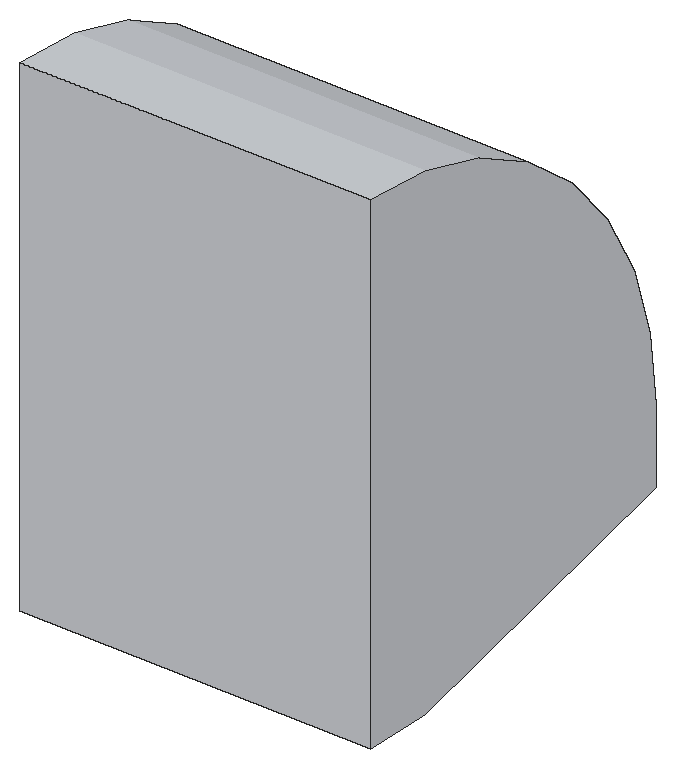
Revit family "DAN DRYER Stainless Design Mini Design 277", category Furniture Systems, host Wall, Revit 2018
Family settings
  Host = Wall
  Round Connector Dimension = Use Diameter
  Part Type = Normal
  Always vertical = Yes
  Cut with Voids When Loaded = No
  Shared = No
  Room Calculation Point = No
Parameters (values of type "Stål")
  Wicth = 143 mm
  URL = "http://www.dandryer.com/Files/Billeder/PDF/Datablade/Nye/Data%20sheet%20article%20no.%20277.pdf"
  Type Image = <None>
  Offset from Floor = 700 mm
  Model = "Stainless design"
  Manufacturer = "http://www.dandryer.com/"
  Height = 200 mm
  Description = "Toilet paper roll holder, article no. 277"
  Cost = 0
Reference planes
  plane 1 "Wall": y = 0
  plane 2 "Center (Left/Right)": x = 125
  plane 3 "Back": y = 75
  plane 4 "Top": z = 700
  plane 5 "Bund": z = 500
  plane 6: x = 196.5
  plane 7: x = 53.5
Forms (mm)
  Extrusion 1, solid
    sketch origin (125, 0, 0) x (0, 1, 0) y (0, 0, 1)
      loop
        line (75, 500) -> (102.5, 500) -> (220, 531.484) -> (220, 561.168)
        arc (220, 561.168) -> (177.141, 661.541) -> (75, 700) r 138.963
        line (75, 700) -> (75, 500)
    from -71.5 to 71.5
  Extrusion 2, void
    sketch origin (125, 0, 0) x (0, 1, 0) y (0, 0, 1)
      loop
        line (117.1, 503.912) -> (208.623, 528.436) -> (202.828, 529.989) -> (114.651, 506.362) -> (117.1, 503.912)
    from -60.269 to 60.203
Cuts and joins
  Extrusion 2 cuts Extrusion 1
Text (mm)
  text "Placement Side" at (-1848.837, 1116.779, 0), in view "Ref. Level"
  text "Placement side" at (0, 1409.804, 2854.306), in view "Left"
  text "Placement side" at (0, 499.811, 2980.732), in view "Right"
Dimensions and locks
  locked: plane 3 "Back" to host wall
  "Height": plane 5 "Bund" to plane 4 "Top"
  equal spacing: plane 7, plane 2 "Center (Left/Right)", plane 6
  "Wicth": plane 7 to plane 6
  "Offset from Floor": level to plane 4 "Top"
  aligned and locked: plane 1 "Wall" to host wall
  aligned and locked: Extrusion 1 to plane 7
  aligned and locked: plane 6 to Extrusion 1
  aligned and locked: plane 4 "Top" to Extrusion 1 sketch curve
  aligned and locked: host wall to Extrusion 1 sketch curve
Automatic sketch dimensions
  Extrusion 1 sketch curve to plane 5 "Bund" = 0 mm
  host wall to Extrusion 1 sketch curve = 6.037 mm
  Extrusion 1 sketch curve to Extrusion 1 sketch curve = 27.5 mm
  plane 5 "Bund" to Extrusion 1 sketch curve = 31.484 mm
  plane 5 "Bund" to Extrusion 1 sketch curve = 61.168 mm
  plane 5 "Bund" to Extrusion 2 sketch curve = 3.912 mm
  host wall to Extrusion 2 sketch curve = 39.651 mm
  Extrusion 2 sketch curve to Extrusion 2 sketch curve = 2.449 mm
  plane 5 "Bund" to Extrusion 2 sketch curve = 6.362 mm
  Extrusion 2 sketch curve to Extrusion 2 sketch curve = 5.796 mm
  plane 5 "Bund" to Extrusion 2 sketch curve = 28.436 mm
  Extrusion 2 sketch curve to Extrusion 2 sketch curve = 1.553 mm
  Extrusion 2 sketch curve to Extrusion 2 sketch curve = 85.727 mm
